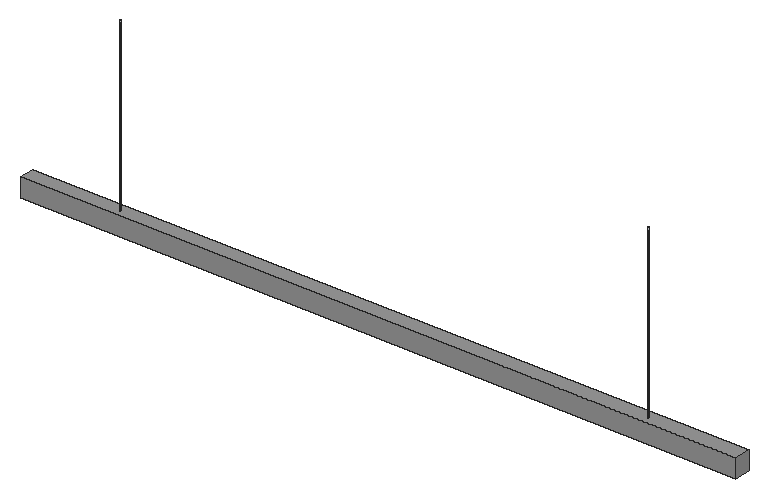
Revit family "HALIMALED_31_3000MM_4000k", category Lighting Fixtures, host Ceiling, Revit 2021
Family settings
  Host = Ceiling
  Round Connector Dimension = Use Diameter
  Part Type = Normal
  OmniClass Number = 23.80.70.11
  OmniClass Title = Luminaries for Internal Lighting
  Always vertical = Yes
  Cut with Voids When Loaded = No
  Light Source = Yes
  Shared = No
  Room Calculation Point = No
Parameters (values of type "Type 1")
  Wattage = 56.0111 W
  built-in parameter 1150110 = 1 (stored number, unit not read)
  Type de lampe = "LED Sanan"
  Type = "Profilé en saillie/suspension"
  built-in parameter 1114217 = 1 (stored number, unit not read)
  Tilt Angle = 90.00°
  Tension = "AC 220-240V"
  built-in parameter 1150109 = 1 (stored number, unit not read)
  built-in parameter 1150134 = 12
  built-in parameter 1150113 = 1 (stored number, unit not read)
  SDCM = "<3"
  Puissance nominale = "80W"
  Photometric Web File = "google_eulumdat_converter (3).ies"
  Matériau = "Aluminium anodisé"
  Maintien du flux = "L80B10 (50 000 heures)"
  Lumens = 8320 lm
  built-in parameter 1150115 = 1 (stored number, unit not read)
  built-in parameter 1150105 = 662.08 (stored number, unit not read)
  built-in parameter 1150137 = (empty or 0)
  built-in parameter 1150139 = (empty or 0)
  built-in parameter 1150112 = 1 (stored number, unit not read)
  built-in parameter 1150114 = 1 (stored number, unit not read)
  built-in parameter 1150132 = 2
  built-in parameter 1150102 = (empty or 0)
  built-in parameter 1150138 = (empty or 0)
  built-in parameter 1150107 = 4000 (stored number, unit not read)
  built-in parameter 1150106 = 6.6208 (stored number, unit not read)
  IRC = ">80"
  Fintion = "Blanc"
  Emit from Line Length = 609.6 mm
  built-in parameter 1150104 = 13.8 (stored number, unit not read)
  Durée de vie = "50 000 heures"
  Driver = "Driver Tridonic en version 230V on/off et Boke en DALI"
  Dimming Lamp Color Temperature Shift = <None>
  Dimensions = "63x78 mm, L = 3000 mm"
  Diffuseur = "Capot diffusant microprismatique"
  Default Elevation = 0 mm
  Color Filter = 16777215
  built-in parameter 1114218 = 1 (stored number, unit not read)
  built-in parameter 1150133 = 10 (stored number, unit not read)
  Angle d'éclairage = "90°"
Reference planes
  plane 1 "Light Source Axis (F/B)": y = 0
  plane 2: z = 0
  plane 3 "Light Source Axis (L/R)": x = 0
  plane 4 "Ceiling": z = 4000
  plane 5 "Light Source Elevation": z = 3246.255
Forms (mm)
  Extrusion 1, solid, material "Aluminium anodisé Blanc"
    sketch origin (0, 0, 0) x (0, 1, 0) y (0, 0, 1)
      loop
        line (31.5, 3211) -> (31.5, 3289) -> (-31.5, 3289) -> (-31.5, 3211) -> (-26.5, 3211) -> (-26.5, 3286) -> (26.5, 3286) -> (26.5, 3211) -> (31.5, 3211)
    from -1500 to 1500
  Extrusion 2, solid, material "Aluminium anodisé Blanc"
    sketch origin (0, 0, 0) x (1, 0, 0) y (0, 0, 1)
      loop
        line (1500, 3289) -> (1495, 3289) -> (1495, 3211) -> (1500, 3211) -> (1500, 3289)
      loop
        line (-1500, 3289) -> (-1500, 3211) -> (-1495, 3211) -> (-1495, 3289) -> (-1500, 3289)
    from -31.5 to 31.5
  Extrusion 3, solid, material "Glass, White, High Luminance"
    sketch origin (0, 0, 0) x (1, 0, 0) y (0, 0, 1)
      loop
        line (1495, 3211) -> (1495, 3214) -> (-1495, 3214) -> (-1495, 3211) -> (1495, 3211)
    from -26.5 to 26.5
  Extrusion 4, solid
    sketch origin (-284.974, 0, 4000) x (0, -1, 0) y (1, 0, 0)
      loop
        circle (0, 1391.423) r 3
    from 0 to -711
  Extrusion 5, solid
    sketch origin (284.974, 0, 4000) x (0, 1, 0) y (-1, 0, 0)
      loop
        circle (0, 1391.423) r 3
    from 0 to -711
Cuts and joins
  joined: Extrusion 1, Extrusion 2
Lines and regions (mm)
  reference lines
    curve 1: line (0, 0, 3250) -> (0, 0, 3289)
    curve 2: line (0, 0, 3289) -> (-1500, 0, 3289)
    curve 3: line (-1500, 0, 3289) -> (-1500, 0, 3211)
    curve 4: line (-1500, 0, 3211) -> (1500, 0, 3211)
    curve 5: line (1500, 0, 3211) -> (1500, 0, 3289)
    curve 6: line (1500, 0, 3289) -> (0, 0, 3289)
    curve 7: line (0, 0, 3211) -> (0, -31.5, 3211)
    curve 8: line (0, -31.5, 3211) -> (0, -31.5, 3289)
    curve 9: line (0, -31.5, 3289) -> (0, 31.5, 3289)
    curve 10: line (0, 31.5, 3289) -> (0, 31.5, 3211)
    curve 11: line (0, 31.5, 3211) -> (0, 0, 3211)
Dimensions and locks
  equal spacing: host sketch curve, plane 3 "Light Source Axis (L/R)", host sketch curve
  equal spacing: host sketch curve, plane 1 "Light Source Axis (F/B)", host sketch curve
  host sketch curve to host sketch curve = 4000 mm  (x2)
  plane 4 "Ceiling" to host ceiling = 0 mm
  aligned and locked: plane 1 "Light Source Axis (F/B)" to imposter light
  aligned and locked: plane 5 "Light Source Elevation" to imposter light
